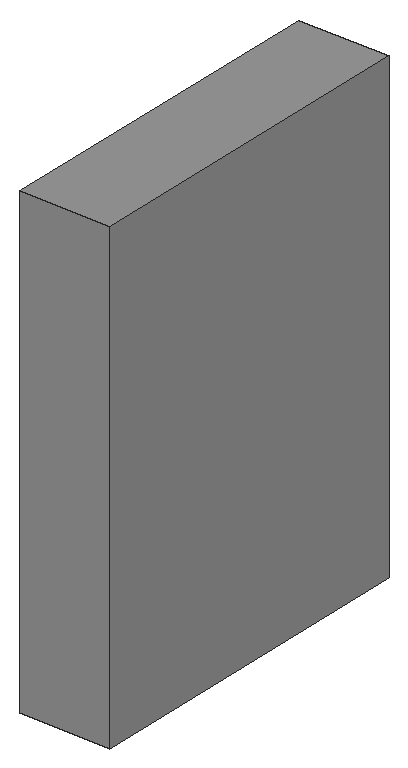
Revit family "PRE050020-FR", category Accessoire de canalisation, Revit 2017
Family settings
  Cote de connecteur circulaire = Utiliser le diamètre
  Type d'élément = Normal
  Basée sur le plan de construction = Non
  Toujours verticalement = Oui
  Couper avec des vides une fois chargée = Non
  Partagée = Non
Parameters (values of type "75123 Presto Sanifirst Mitigeur hospitalier monotrou à bec fixe ou ajustable, décliptable - Modul'Mix")
  Variantes = "75123-75124-75125-75126-75127-75147-75163"
  LC = 15 mm
  Garantie = "10 ans contre tout vice de fabrication"
  URL Fabricant = "http://www.prestodatashare.com/centretelechargement/index.php?lang=FR&refs=75123"
  URL = "http://www.prestodatashare.com/centretelechargement/index.php?lang=FR&refs=75123"
  Lien notice d'utilisation = "http://www.prestodatashare.com/centretelechargement/support.php?lang=FR&ref=75123"
  Lien fiche produit = "http://www.prestodatashare.com/espacedoc/Fiches_Techniques/FR/75123.pdf"
  Reference = "75123"
  Pression = "3 bars"
  Polantis code = "PRE050020-FR"
  Perte de charge = 0.0 Pa
  Profondeur = 194 mm
  Modèle = "75123 Presto Sanifirst Mitigeur hospitalier monotrou à bec fixe ou ajustable, décliptable - Modul'Mix"
  Matériau = Laiton poli chromé
  Lien CCTP = "http://www.prestodatashare.com/centretelechargement/index.php?lang=FR&refs=75123"
  Largeur = 50 mm
  PC = 25 mm
  Hauteur = 260 mm
  Fonction = "Mitigeur modul'mix a bec decliptable\r\r\nH : 100mm / S : 150mm\r\r\ncommande au coude\r\r\nRéférence : 75123"
  Flux = 0.1 L/s
  Finition = "Corps et volants en laiton poli chromé"
  Fabricant = "LES ROBINETS PRESTO S.A."
  Diamètre Nominal = 12 mm
  Description = "Mitigeur hospitalier monotrou (conception modul’mix) sans vidage pour lave-mains, avec commande longue médicale Lg 170mm qui évite le contact manuel, utilisation au coude, avant-bras ou poignet. Bec fixe ou orientable, lisse et décliptable avec obturation pour la désinfection Lg 150mm. Hauteur sous bec 100mm. Hauteur et longueur du bec adaptables sans changer toute la robinetterie. Cartouche céramique Ø 40 multifonction : butée de limitation de température  avec 7 positions de réglage, double débit et réglage possible de 2l à 13,8l/min.  Robinetterie montée d’origine avec un aérateur étoile limitant le risque d’entartrage, supprimant la rétention d’eau, les impuretés et résistant aux chocs chlorés et thermiques. Corps lisse, bec et organe de manœuvre en laiton poli chromé. Flexibles avec gaine SPEX tressée inox M10X1, EP G’3/8, Lg 500mm. Fixation renforcée par une tige inox. Garantie 10 ans. Résistant aux chocs chlorés et thermiques. Marque Sanifirst type mitigeur hospitalier monotrou à bec fixe ou orientable lisse décliptable pour lave-mains REF : 75123 ou équivalent approuvé."
  Debit = "Débit entre 4 et 6L/min à 3 bar"
  Raccordement = "Flexibles SPEX 500 mm M10 X 1 EP G'3/8"
  Adresse = "7, RUE RACINE - 92542 MONTROUGE CEDEX FRANCE"
Types (7, lengths in mm): name | Garantie | URL Fabricant | URL | Lien notice d'utilisation | Lien fiche produit | Reference | Polantis code | Modèle | Lien CCTP | Fonction | Description | Raccordement
  75163 Presto Sanifirst Mitigeur électronique à pile à bec fixe ou ajustable, démontable - Modul'Mix | "3 ans contre tout vice de fabrication" | "http://www.prestodatashare.com/centretelechargement/index.php?lang=FR&refs=75163" | "http://www.prestodatashare.com/centretelechargement/index.php?lang=FR&refs=75163" | "http://www.prestodatashare.com/centretelechargement/support.php?lang=FR&ref=75163" | "http://www.prestodatashare.com/espacedoc/Fiches_Techniques/FR/75163.pdf" | "75163" | "PRE050020f-FR" | "75163 Presto Sanifirst Mitigeur électronique à pile à bec fixe ou ajustable, démontable - Modul'Mix" | "http://www.prestodatashare.com/centretelechargement/index.php?lang=FR&refs=75163" | "Mitigeur électronique pile\r\r\nHauteur sous bec : 100 mm\r\r\nSaillie : 150 mm\r\r\nRéférence : 75163" | "Mitigeur hospitalier électronique pile monotrou (conception modul’mix) sans vidage pour lave-mains,livré avec commande sphérique chromée permettant le réglage de la température (commande longue disponible sur demande). Bec fixe ou orientable, lisse et démontable pour la désinfection Lg 150mm. Hauteur sous bec 100mm. Hauteur et longueur du bec adaptables sans changer toute la robinetterie. Cartouche céramique Ø 40 multifonction : butée de limitation de température  avec 7 positions de réglage, débit bloqué réglage. Cellule infra-rouge intégrée dans le corps, démontable sans dépose du robinet.  Boitier d’alimentation IP65 avec pile lithium 6V. Robinetterie montée d’origine avec un brise-jet étoile limitant le risque d’entartrage, supprimant la rétention d’eau, les impuretés et résistant aux chocs chlorés et thermiques. Corps lisse, bec et organe de manœuvre en laiton poli chromé. Flexibles avec gaine SPEX tressée inox M10X1, EP G’3/8, Lg 500mm, filtres, électrovannes avec membrane silicone M G’3/8. Fixation renforcée par une tige inox. Garantie 3 ans. Résistant aux chocs chlorés et thermiques. Programme de prévention « anti-bactérie » personnalisable (purges, fréquences, durée, etc) Marque Sanifirst type mitigeur hospitalier électronique secteur monotrou à bec fixe ou orientable lisse pour lave-mains REF : 75163 ou équivalent approuvé." | "Flexibles SPEX 500 mm M10 X 1 EP G'3/8"
  75147 Presto Sanifirst Mitigeur électronique sur secteur à bec fixe ou ajustable, démontable - Modul'Mix | "3 ans contre tout vice de fabrication" | "http://www.prestodatashare.com/centretelechargement/index.php?lang=FR&refs=75147" | "http://www.prestodatashare.com/centretelechargement/index.php?lang=FR&refs=75147" | "http://www.prestodatashare.com/centretelechargement/support.php?lang=FR&ref=75147" | "http://www.prestodatashare.com/espacedoc/Fiches_Techniques/FR/75147.pdf" | "75147" | "PRE050020e-FR" | "75147 Presto Sanifirst Mitigeur électronique sur secteur à bec fixe ou ajustable, démontable - Modul'Mix" | "http://www.prestodatashare.com/centretelechargement/index.php?lang=FR&refs=75147" | "Mitigeur électronique secteur\r\r\nHauteur sous bec : 100 mm\r\r\nSaillie : 150 mm\r\r\nRéférence : 75147" | "Mitigeur hospitalier électronique secteur monotrou (conception modul’mix) sans vidage pour lave-mains,livré avec commande sphérique chromée permettant le réglage de la température (commande longue disponible sur demande). Bec fixe ou orientable, lisse et démontable pour la désinfection Lg 150mm. Hauteur sous bec 100mm. Hauteur et longueur du bec adaptables sans changer toute la robinetterie. Cartouche céramique Ø 40 multifonction : butée de limitation de température  avec 7 positions de réglage, débit bloqué réglage. Cellule infra-rouge intégrée dans le corps, démontable sans dépose du robinet. Boîtier électronique secteur indépendant IP65, alimentation 230V, sortie 6V. Robinetterie montée d’origine avec un brise-jet étoile limitant le risque d’entartrage, supprimant la rétention d’eau, les impuretés et résistant aux chocs chlorés et thermiques. Corps lisse, bec et organe de manœuvre en laiton poli chromé. Flexibles avec gaine SPEX tressée inox M10X1, EP G’3/8, Lg 500mm, filtres, électrovannes avec membrane silicone M G’3/8. Fixation renforcée par une tige inox. Garantie 3 ans. Résistant aux chocs chlorés et thermiques. Programme de prévention « anti-bactérie » personnalisable (purges, fréquences, durée, etc) Marque Sanifirst type mitigeur hospitalier électronique secteur monotrou à bec fixe ou orientable lisse pour lave-mains REF : 75147 ou équivalent approuvé." | "Flexibles SPEX 500 mm M10 X 1 EP G'3/8"
  75127 Presto Sanifirst Mitigeur hospitalier à bec fixe ou ajustable, démontable, avec cartouche à équilibrage de pression - Modul'Mix | "10 ans contre tout vice de fabrication" | "http://www.prestodatashare.com/centretelechargement/index.php?lang=FR&refs=75127" | "http://www.prestodatashare.com/centretelechargement/index.php?lang=FR&refs=75127" | "http://www.prestodatashare.com/centretelechargement/support.php?lang=FR&ref=75127" | "http://www.prestodatashare.com/espacedoc/Fiches_Techniques/FR/75127.pdf" | "75127" | "PRE050020d-FR" | "75127 Presto Sanifirst Mitigeur hospitalier à bec fixe ou ajustable, démontable, avec cartouche à équilibrage de pression - Modul'Mix" | "http://www.prestodatashare.com/centretelechargement/index.php?lang=FR&refs=75127" | "Mitigeur modul'mix a bec démontable\r\r\nH : 100mm / S : 150mm\r\r\ncommande au coude\r\r\nequilibrage de pression\r\r\nRéférence : 75127" | "Mitigeur hospitalier monotrou (conception modul’mix) sans vidage pour lave-mains, avec commande longue médicale Lg 170mm qui évite le contact manuel, utilisation au coude, avant-bras ou poignet. Bec fixe ou orientable, lisse et démontable pour la désinfection Lg 150mm. Hauteur sous bec 100mm. Hauteur et longueur du bec adaptables sans changer toute la robinetterie. Cartouche céramique Ø 40 équilibrage de pression : butée de limitation de température  avec 7 positions de réglage, double débit et clapets anti retour intégrés.  Robinetterie montée d’origine avec un aérateur étoile limitant le risque d’entartrage, supprimant la rétention d’eau, les impuretés et résistant aux chocs chlorés et thermiques. Corps lisse, bec et organe de manœuvre en laiton poli chromé. Flexibles avec gaine SPEX tressée inox M10X1, EP G’3/8, Lg 500mm. Fixation renforcée par une tige inox. Garantie 10 ans. Résistant aux chocs chlorés et thermiques. Marque Sanifirst type mitigeur hospitalier équilibrage de pression monotrou à bec fixe ou orientable lisse démontable pour lave-mains REF : 75127 ou équivalent approuvé." | "Flexibles SPEX 350 mm M10 X 1 EP G'3/8"
  75126 Presto Sanifirst Mitigeur hospitalier à bec fixe ou ajustable, démontable - Modul'Mix | "10 ans contre tout vice de fabrication" | "http://www.prestodatashare.com/centretelechargement/index.php?lang=FR&refs=75126" | "http://www.prestodatashare.com/centretelechargement/index.php?lang=FR&refs=75126" | "http://www.prestodatashare.com/centretelechargement/support.php?lang=FR&ref=75126" | "http://www.prestodatashare.com/espacedoc/Fiches_Techniques/FR/75126.pdf" | "75126" | "PRE050020c-FR" | "75126 Presto Sanifirst Mitigeur hospitalier à bec fixe ou ajustable, démontable - Modul'Mix" | "http://www.prestodatashare.com/centretelechargement/index.php?lang=FR&refs=75126" | "Mitigeur modul'mix a bec démontable\r\r\nH : 100mm / S : 150mm\r\r\ncommande au coude\r\r\nRéférence : 75126" | "Mitigeur hospitalier monotrou (conception modul’mix) sans vidage pour lave-mains, avec commande longue médicale Lg 170mm qui évite le contact manuel, utilisation au coude, avant-bras ou poignet. Bec fixe ou orientable, lisse et démontable pour la désinfection Lg 150mm. Hauteur sous bec 100mm. Hauteur et longueur du bec adaptables sans changer toute la robinetterie. Cartouche céramique Ø 40 multifonction : butée de limitation de température  avec 7 positions de réglage, double débit et réglage possible de 2l à 13,8l/min.  Robinetterie montée d’origine avec un aérateur étoile limitant le risque d’entartrage, supprimant la rétention d’eau, les impuretés et résistant aux chocs chlorés et thermiques. Corps lisse, bec et organe de manœuvre en laiton poli chromé. Flexibles avec gaine SPEX tressée inox M10X1, EP G’3/8, Lg 500mm. Fixation renforcée par une tige inox. Garantie 10 ans. Résistant aux chocs chlorés et thermiques. Marque Sanifirst type mitigeur hospitalier monotrou à bec fixe ou orientable lisse démontable pour lave-mains REF : 75126 ou équivalent approuvé." | "Flexibles SPEX 500 mm M10 X 1 EP G'3/8"
  75124 Presto Sanifirst Mitigeur hospitalier à bec fixe ou ajustable, démontable - Modul'Mix | "10 ans contre tout vice de fabrication" | "http://www.prestodatashare.com/centretelechargement/index.php?lang=FR&refs=75124" | "http://www.prestodatashare.com/centretelechargement/index.php?lang=FR&refs=75124" | "http://www.prestodatashare.com/centretelechargement/support.php?lang=FR&ref=75124" | "http://www.prestodatashare.com/espacedoc/Fiches_Techniques/FR/75124.pdf" | "75124" | "PRE050020a-FR" | "75124 Presto Sanifirst Mitigeur hospitalier à bec fixe ou ajustable, démontable - Modul'Mix" | "http://www.prestodatashare.com/centretelechargement/index.php?lang=FR&refs=75124" | "Mitigeur modul'mix a bec démontable\r\r\nH : 100mm / S : 150mm\r\r\nRéférence : 75124" | "Mitigeur hospitalier monotrou (conception modul’mix) sans vidage pour lave-mains, avec commande pleine pour nettoyage facilité. Bec fixe ou orientable, lisse et démontable pour la désinfection Lg 150mm. Hauteur sous bec 100mm. Hauteur et longueur du bec adaptables sans changer toute la robinetterie. Cartouche céramique Ø 40 multifonction : butée de limitation de température  avec 7 positions de réglage, double débit et réglage possible de 2l à 13,8l/min.  Robinetterie montée d’origine avec un aérateur étoile limitant le risque d’entartrage, supprimant la rétention d’eau, les impuretés et résistant aux chocs chlorés et thermiques. Corps lisse, bec et organe de manœuvre en laiton poli chromé. Flexibles avec gaine SPEX tressée inox M10X1, EP G’3/8, Lg 500mm. Fixation renforcée par une tige inox. Garantie 10 ans. Résistant aux chocs chlorés et thermiques. Marque Sanifirst type mitigeur hospitalier monotrou à bec fixe ou orientable lisse démontable pour lave-mains REF : 75124 ou équivalent approuvé." | "Flexibles SPEX 500 mm M10 X 1 EP G'3/8"
  75123 Presto Sanifirst Mitigeur hospitalier monotrou à bec fixe ou ajustable, décliptable - Modul'Mix | "10 ans contre tout vice de fabrication" | "http://www.prestodatashare.com/centretelechargement/index.php?lang=FR&refs=75123" | "http://www.prestodatashare.com/centretelechargement/index.php?lang=FR&refs=75123" | "http://www.prestodatashare.com/centretelechargement/support.php?lang=FR&ref=75123" | "http://www.prestodatashare.com/espacedoc/Fiches_Techniques/FR/75123.pdf" | "75123" | "PRE050020-FR" | "75123 Presto Sanifirst Mitigeur hospitalier monotrou à bec fixe ou ajustable, décliptable - Modul'Mix" | "http://www.prestodatashare.com/centretelechargement/index.php?lang=FR&refs=75123" | "Mitigeur modul'mix a bec decliptable\r\r\nH : 100mm / S : 150mm\r\r\ncommande au coude\r\r\nRéférence : 75123" | "Mitigeur hospitalier monotrou (conception modul’mix) sans vidage pour lave-mains, avec commande longue médicale Lg 170mm qui évite le contact manuel, utilisation au coude, avant-bras ou poignet. Bec fixe ou orientable, lisse et décliptable avec obturation pour la désinfection Lg 150mm. Hauteur sous bec 100mm. Hauteur et longueur du bec adaptables sans changer toute la robinetterie. Cartouche céramique Ø 40 multifonction : butée de limitation de température  avec 7 positions de réglage, double débit et réglage possible de 2l à 13,8l/min.  Robinetterie montée d’origine avec un aérateur étoile limitant le risque d’entartrage, supprimant la rétention d’eau, les impuretés et résistant aux chocs chlorés et thermiques. Corps lisse, bec et organe de manœuvre en laiton poli chromé. Flexibles avec gaine SPEX tressée inox M10X1, EP G’3/8, Lg 500mm. Fixation renforcée par une tige inox. Garantie 10 ans. Résistant aux chocs chlorés et thermiques. Marque Sanifirst type mitigeur hospitalier monotrou à bec fixe ou orientable lisse décliptable pour lave-mains REF : 75123 ou équivalent approuvé." | "Flexibles SPEX 500 mm M10 X 1 EP G'3/8"
  75125 Presto Sanifirst Mitigeur hospitalier à bec fixe ou ajustable, démontable, avec cartouche à équilibrage de pression - Modul'Mix | "10 ans contre tout vice de fabrication" | "http://www.prestodatashare.com/centretelechargement/index.php?lang=FR&refs=75125" | "http://www.prestodatashare.com/centretelechargement/index.php?lang=FR&refs=75125" | "http://www.prestodatashare.com/centretelechargement/support.php?lang=FR&ref=75125" | "http://www.prestodatashare.com/espacedoc/Fiches_Techniques/FR/75125.pdf" | "75125" | "PRE050020b-FR" | "75125 Presto Sanifirst Mitigeur hospitalier à bec fixe ou ajustable, démontable, avec cartouche à équilibrage de pression - Modul'Mix" | "http://www.prestodatashare.com/centretelechargement/index.php?lang=FR&refs=75125" | "Mitigeur modul'mix a bec démontable\r\r\nH : 100mm / S : 150mm\r\r\néquilibrage de pression\r\r\nRéférence : 75125" | "Mitigeur hospitalier monotrou (conception modul’mix) sans vidage pour lave-mains, avec commande pleine pour nettoyage facilité. Bec fixe ou orientable, lisse et démontable pour la désinfection Lg 150mm. Hauteur sous bec 100mm. Hauteur et longueur du bec adaptables sans changer toute la robinetterie. Cartouche céramique Ø 40 équilibrage de pression : butée de limitation de température  avec 7 positions de réglage, double débit et clapets anti retour intégrés.  Robinetterie montée d’origine avec un aérateur étoile limitant le risque d’entartrage, supprimant la rétention d’eau, les impuretés et résistant aux chocs chlorés et thermiques. Corps lisse, bec et organe de manœuvre en laiton poli chromé. Flexibles avec gaine SPEX tressée inox M10X1, EP G’3/8, Lg 500mm. Fixation renforcée par une tige inox. Garantie 10 ans. Résistant aux chocs chlorés et thermiques. Marque Sanifirst type mitigeur hospitalier équilibrage de pression monotrou à bec fixe ou orientable lisse démontable pour lave-mains REF : 75125 ou équivalent approuvé." | "Flexibles SPEX 500 mm M10 X 1 EP G'3/8"
Reference planes
  plane 1 "Centre (avant/arrière)": y = 0
  plane 2: z = 0
  plane 3 "Centre (gauche/droite)": x = 0
  plane 4: y = -194
  plane 5: x = 50
  plane 6: z = 260
  plane 7: x = 25
  plane 8: z = 1
  plane 9: y = -25
  plane 10: x = 15
  plane 11: x = 35
Forms (mm)
  Extrusion 1, solid, material "Laiton poli chromé" <- "Matériau", detail levels fine
    sketch origin (0, 0, 0) x (1, 0, 0) y (0, 1, 0)
      loop
        line (0, 0) -> (0, -194) -> (50, -194) -> (50, 0) -> (0, 0)
    from 0 to 260
  Extrusion 2, solid, material "Laiton poli chromé" <- "Matériau", detail levels fine
    sketch origin (0, 0, 0) x (1, 0, 0) y (0, 1, 0)
      loop
        circle (15, -25) r 5
    from 0 to 1
  Extrusion 3, solid, material "Laiton poli chromé" <- "Matériau", detail levels fine
    sketch origin (0, 0, 0) x (1, 0, 0) y (0, 1, 0)
      loop
        circle (35, -25) r 5
    from 0 to 1
Cuts and joins
  joined: Extrusion 1, Extrusion 2, Extrusion 3
Dimensions and locks
  "Profondeur": plane 1 "Centre (avant/arrière)" to plane 4
  "Largeur": plane 3 "Centre (gauche/droite)" to plane 5
  "Hauteur": plane 6 to level
  equal spacing: plane 3 "Centre (gauche/droite)", plane 7, plane 5
  locked: plane 8 to plane 2 at 1
  "PC": plane 1 "Centre (avant/arrière)" to plane 9
  "LC": plane 3 "Centre (gauche/droite)" to plane 10
  "LC": plane 11 to plane 5
  aligned and locked: level to plane 2
  aligned and locked: plane 1 "Centre (avant/arrière)" to Extrusion 1 sketch curve
  aligned and locked: plane 3 "Centre (gauche/droite)" to Extrusion 1 sketch curve
  aligned and locked: plane 4 to Extrusion 1 sketch curve
  aligned and locked: plane 5 to Extrusion 1 sketch curve
  aligned and locked: plane 6 to Extrusion 1
  aligned and locked: plane 8 to Extrusion 2
  aligned and locked: plane 8 to Extrusion 3
  aligned and locked: nested 2 to plane 3 "Centre (gauche/droite)"
  aligned and locked: nested 2 to plane 4
Automatic sketch dimensions
  Extrusion 2 sketch curve to plane 9 = 0 mm
  Extrusion 2 sketch curve to plane 10 = 0 mm
  Extrusion 3 sketch curve to plane 9 = 0 mm
  Extrusion 3 sketch curve to plane 11 = 0 mm
  radius of Extrusion 2 sketch curve = 5 mm
  radius of Extrusion 3 sketch curve = 5 mm
Nested families
  nested 1: "SymboliqueA6" at (0, -25, 0) x (0, 1, 0) z (0, 0, 1), type "SymboliqueA6", detail levels coarse+medium
  nested 2: "S2DA6" at (50, -97, 0) x (0, 1, 0) z (0, 0, 1), type "S2DA6", detail levels coarse+medium
Connectors
  piping at (15, -25, 0), diameter 12, driven by "Diamètre Nominal", driven by "Flux", driven by "Perte de charge"
    settings: on Extrusion 2, index 3, connector inside diameter 609.6 mm, connector length 0 mm, flow factor 0, pipe flow 0.1 L/s, pressure drop 0.0 Pa, fitting loss kfactor 0, connector angle 0.00°, fixture units 0, engagement length 0 mm, angle of deflection 0.00°, flow configuration 0, flow direction 1, fitting loss method 4, system type 19, joint type 0, gender type 0, connector reference index -1, connector utility 0, adjustable connector no, is connector primary yes, connector description ""
  piping at (35, -25, 0), diameter 12, driven by "Flux", driven by "Perte de charge", driven by "Diamètre Nominal"
    settings: on Extrusion 3, index 4, connector inside diameter 609.6 mm, connector length 0 mm, flow factor 0, pipe flow 0.1 L/s, pressure drop 0.0 Pa, fitting loss kfactor 0, connector angle 0.00°, fixture units 0, engagement length 0 mm, angle of deflection 0.00°, flow configuration 0, flow direction 1, fitting loss method 4, system type 20, joint type 0, gender type 0, connector reference index -1, connector utility 0, adjustable connector no, is connector primary no, connector description ""
Definition of nested family "SymboliqueA6"
  Parameters (values of type "SymboliqueA6")
    V = yes
    P = 1000 mm
    L = 1000 mm
    H = 1000 mm
  Reference planes
    plane 1 "Centre (avant/arrière)": y = 0
    plane 2: z = 0
    plane 3 "Centre (gauche/droite)": x = 0
    plane 4: y = -1000
    plane 5: x = -500
    plane 6: x = 500
    plane 7: z = 1000
    plane 8: z = 500
    plane 9: y = -500
  Lines and regions (mm)
    model lines
      curve 1: line (0, -1000, 1000) -> (0, 0, 0)
      curve 2: line (0, 0, 0) -> (0, -1000, 0)
      curve 3: line (0, -1000, 0) -> (0, 0, 1000)
      curve 4: line (0, 0, 1000) -> (0, -1000, 1000)
  Dimensions and locks
    "H": plane 7 to plane 2
    equal spacing: plane 5, plane 3 "Centre (gauche/droite)", plane 6
    "L": plane 5 to plane 6
    equal spacing: plane 7, plane 8, level
    equal spacing: plane 4, plane 9, plane 1 "Centre (avant/arrière)"
    "P": plane 1 "Centre (avant/arrière)" to plane 4
    aligned and locked: level to plane 2
  Automatic sketch dimensions
    curve 3 to level = 0 mm
    curve 1 to plane 1 "Centre (avant/arrière)" = 0 mm
    curve 1 to plane 7 = 0 mm
    curve 3 to plane 4 = 0 mm
    curve 3 to plane 1 "Centre (avant/arrière)" = 0 mm
    curve 4 to plane 4 = 0 mm
Definition of nested family "S2DA6"
  Parameters (values of type "S2DA6")
    P = 788.322 mm
    L = 1600 mm
    H = 1250.021 mm
  Reference planes
    plane 1 "Centre (avant/arrière)": y = 0
    plane 2: z = 0
    plane 3 "Centre (gauche/droite)": x = 0
    plane 4: y = 788.322
    plane 5: x = -800
    plane 6: x = 800
    plane 7: y = 394.161
    plane 8: z = 1250.021
    plane 9: z = 625.01
  Lines and regions (mm)
    symbolic lines
      curve 1: line (-800, 788.322, 0) -> (800, 0, 0)
      curve 2: line (800, 0, 0) -> (800, 788.322, 0)
      curve 3: line (800, 788.322, 0) -> (-800, 0, 0)
      curve 4: line (-800, 0, 0) -> (-800, 788.322, 0)
      curve 5: line (800, 0, 1250.021) -> (-800, 0, 1250.021)
      curve 6: line (-800, 0, 1250.021) -> (800, 0, 0)
      curve 7: line (800, 0, 0) -> (-800, 0, 0)
      curve 8: line (800, 0, 1250.021) -> (-800, 0, 0)
      curve 9: line (0, 788.322, 0) -> (0, 0, 1250.021)
      curve 10: line (0, 0, 1250.021) -> (0, 788.322, 1250.021)
      curve 11: line (0, 788.322, 1250.021) -> (0, 0, 0)
      curve 12: line (0, 0, 0) -> (0, 788.322, 0)
  Dimensions and locks
    equal spacing: plane 5, plane 3 "Centre (gauche/droite)", plane 6
    equal spacing: plane 1 "Centre (avant/arrière)", plane 7, plane 4
    "P": plane 1 "Centre (avant/arrière)" to plane 4
    "L": plane 5 to plane 6
    equal spacing: plane 8, plane 9, level
    "H": plane 8 to plane 2
    aligned and locked: level to plane 2
  Automatic sketch dimensions
    plane 1 "Centre (avant/arrière)" to curve 3 = 0 mm
    curve 1 to plane 4 = 0 mm
    curve 3 to plane 4 = 0 mm
    plane 1 "Centre (avant/arrière)" to curve 2 = 0 mm
    curve 3 to plane 6 = 0 mm
    curve 4 to plane 5 = 0 mm
    curve 10 to plane 1 "Centre (avant/arrière)" = 0 mm
    curve 10 to plane 8 = 0 mm
    curve 11 to plane 4 = 0 mm
    curve 12 to level = 0 mm
    curve 12 to plane 1 "Centre (avant/arrière)" = 0 mm
    curve 12 to plane 4 = 0 mm
    plane 5 to curve 5 = 0 mm
    curve 8 to level = 0 mm
    plane 5 to curve 8 = 0 mm
    plane 6 to curve 7 = 0 mm
    plane 6 to curve 8 = 0 mm
    curve 6 to plane 8 = 0 mm
